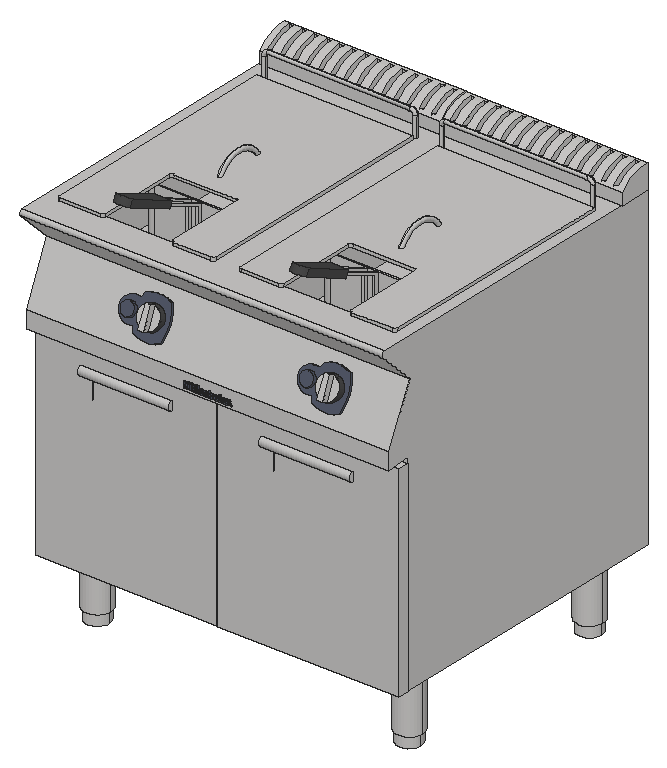
Revit family "QF_ELECTROLUXPROFESSIONAL_371421_E7KKETBAMEI", category Attrezzature speciali, Revit 2018
Family settings
  Quota connettore circolare = Usa diametro
  Tipo di parte = Normale
  Basato su piano di lavoro = No
  Sempre verticale = Sì
  Taglio con vuoti quando caricato = No
  Condiviso = No
  Punto di calcolo locali = No
Parameters (values of type "Standard")
  Weight = 85.00 kg
  Watts = 0 W
  Volts = 0 V
  URL Manufacturer = "https://www.electroluxprofessional.com/"
  URL = "https://www.electroluxprofessional.com/"
  Steam Supply Size = 0"
  Steam Supply Minimum Pressure = 0.00 psi
  Steam Supply Maximum Pressure = 0.00 psi
  Steam Consumption per Hour = 0
  Show Logo [instance] = yes
  Show Clearance [instance] = yes
  Refrigeration Suction Line Size = 0 mm
  Refrigeration Liquid Line Size = 0 mm
  Refrigerant Compressor Remote = yes
  Phase = 0
  Modello = "E7KKETBAMEI"
  Produttore = "Electrolux Professional"
  Length Actual = 800 mm  # constant formula
  Item Number = "371421"
  Hot Water Size = 0"
  Height Actual = 850 mm  # constant formula
  HP = "0 HP"
  Gas Size = 1/2"
  Gas KW = 28
  Gas Input Pressure = 0.938315 Btu/h
  Direct Waste Size = 0"
  Descrizione = "2X15 LITRE GAS FRYER 800MM - QMARK"
  Depth Actual = 730 mm  # constant formula
  Cycle = 0 Hz
  Condensate Return Size = 0"
  Compressed Air Volume = 0 GPM
  Compressed Air Size = 0"
  Compressed Air Pressure = 0.00 psi
  Cold Water Size = 0"
  Base Height [instance] = 150 mm  # constant formula
  Accessory = yes
Values of the unnamed type that differ from the named types
  Weight = 0.00 kg
  URL Manufacturer = ""
  Item Number = ""
  HP = ""
  Gas KW = 0
  Gas Input Pressure = 0.0 Btu/h
Reference planes
  plane 1 "BACK": y = 0
  plane 2: z = 0
  plane 3 "LEFT": x = 0
  plane 4 "RIGHT": x = 800
  plane 5 "FRONT": y = -730
  plane 6 "TOP": z = 905.238
  plane 7 "Center Y": x = 400
  plane 8 "Center X": y = -365
  plane 9 "BASE": z = 601
  plane 10 "TOP A": z = 850.238
  plane 11: y = -597.884
  plane 12: y = -147.637
  plane 13: z = 942.313
  plane 14: z = 150
Forms (mm)
  Extrusion 1, solid, material "QF_Finishes_Stainless Steel"
    sketch origin (0, 0, 0) x (0, 1, 0) y (0, 0, 1)
      loop
        line (0, 850.237) -> (-725.027, 850.237)
        arc (-725.027, 850.237) -> (-730.893, 846.318) -> (-729.517, 839.397) r 6.35
        line (-729.517, 839.397) -> (-657.416, 767.047) -> (-713.522, 646.19) -> (-713.522, 608.09) -> (-660.4, 613.7) -> (-660.4, 150) -> (0, 150) -> (0, 850.237)
      loop
        line (-661.987, 601) -> (-687.387, 601) -> (-687.387, 150) -> (-661.987, 150) -> (-661.987, 601)
    from 0 to 800
  Extrusion 2, solid, material "QF_Finishes_Stainless Steel"
    sketch origin (0, 0, 0) x (0, 1, 0) y (0, 0, 1)
      loop
        line (0, 850.237) -> (0, 905.237)
        arc (0, 905.237) -> (-38.078, 897.879) -> (-69.85, 875.637) r 93.057
        line (-69.85, 875.637) -> (-69.85, 850.237) -> (0, 850.237)
    from 0 to 800
  Extrusion 3, void
    sketch origin (0, 0, 850.238) x (-1, 0, 0) y (0, -1, 0)
      loop
        line (-33.338, 147.762) -> (-33.338, 655.762) -> (-373.012, 655.762) -> (-373.012, 147.762) -> (-33.338, 147.762)
      loop
        line (-766.662, 655.762) -> (-766.662, 147.762) -> (-426.988, 147.762) -> (-426.988, 655.762) -> (-766.662, 655.762)
    from 0 to -152.4
  Extrusion 4, void
    sketch origin (0, 0, 850.238) x (-1, 0, 0) y (0, -1, 0)
      loop
        line (-13.453, 6.761) -> (-13.453, 63.911) -> (-22.749, 63.911) -> (-22.749, 6.761) -> (-13.453, 6.761)
    from 25.4 to 63.5
  Extrusion 5, solid, material "QF_Finishes_Clearance", visible <- "Show Clearance", detail levels coarse
    sketch origin (0, 0, 0) x (1, 0, 0) y (0, 1, 0)
      loop
        line (0, -731.377) -> (0, 0) -> (800, 0) -> (800, -731.377) -> (950.019, -731.377) -> (950.019, 150.019) -> (-150.019, 150.019) -> (-150.019, -731.377) -> (0, -731.377)
    from 0 to 905.237
  Extrusion 6, solid, material "QF_Finishes_Stainless Steel"
    sketch origin (-77.88, -4572, 850.238) x (-1, 0, 0) y (0, -1, 0)
      loop
        arc (-104.867, -3916.238) -> (-106.727, -3911.748) -> (-111.217, -3909.888) r 6.35
        line (-111.217, -3909.888) -> (-200.117, -3909.888)
        arc (-200.117, -3909.888) -> (-204.607, -3911.748) -> (-206.467, -3916.238) r 6.35
        line (-206.467, -3916.238) -> (-206.467, -4090.988)
        arc (-206.467, -4090.988) -> (-208.327, -4095.479) -> (-212.817, -4097.338) r 6.35
        line (-212.817, -4097.338) -> (-349.292, -4097.338)
        arc (-349.292, -4097.338) -> (-353.782, -4095.479) -> (-355.642, -4090.988) r 6.35
        line (-355.642, -4090.988) -> (-355.642, -3916.238)
        arc (-355.642, -3916.238) -> (-357.502, -3911.748) -> (-361.992, -3909.888) r 6.35
        line (-361.992, -3909.888) -> (-444.542, -3909.888)
        arc (-444.542, -3909.888) -> (-449.032, -3911.748) -> (-450.892, -3916.238) r 6.35
        line (-450.892, -3916.238) -> (-450.892, -4459.163) -> (-104.867, -4459.163) -> (-104.867, -3916.238)
      loop
        line (-850.892, -3916.238) -> (-850.892, -4459.163) -> (-504.867, -4459.163) -> (-504.867, -3916.238)
        arc (-504.867, -3916.238) -> (-506.727, -3911.748) -> (-511.217, -3909.888) r 6.35
        line (-511.217, -3909.888) -> (-593.767, -3909.888)
        arc (-593.767, -3909.888) -> (-598.257, -3911.748) -> (-600.117, -3916.238) r 6.35
        line (-600.117, -3916.238) -> (-600.117, -4090.988)
        arc (-600.117, -4090.988) -> (-601.977, -4095.479) -> (-606.467, -4097.338) r 6.35
        line (-606.467, -4097.338) -> (-742.942, -4097.338)
        arc (-742.942, -4097.338) -> (-747.432, -4095.479) -> (-749.292, -4090.988) r 6.35
        line (-749.292, -4090.988) -> (-749.292, -3916.238)
        arc (-749.292, -3916.238) -> (-751.152, -3911.748) -> (-755.642, -3909.888) r 6.35
        line (-755.642, -3909.888) -> (-844.542, -3909.888)
        arc (-844.542, -3909.888) -> (-849.032, -3911.748) -> (-850.892, -3916.238) r 6.35
    from 0 to 6.35
  Sweep 7, solid, material "QF_Finishes_Stainless Steel"
    path origin (0, 36.513, 0) x (1, 0, 0) y (0, 0, 1)
      loop
        line (39.688, 850.238) -> (39.688, 895.713)
        arc (39.688, 895.713) -> (41.547, 900.203) -> (46.038, 902.063) r 6.35
        line (46.038, 902.063) -> (362.669, 902.063)
        arc (362.669, 902.063) -> (367.16, 900.203) -> (369.019, 895.713) r 6.35
        line (369.019, 895.713) -> (369.019, 850.237)
    profile origin (39.688, 36.513, 872.975) x (-1, 0, 0) y (0, -1, 0)
      loop
        circle (2.09, 140.754) r 3.827
  Extrusion 8, solid, material "QF_Finishes_Black"
    sketch origin (271.462, -708.83, 942.26) x (0, 0.906308, -0.422618) y (-1, 0, 0)
      loop
        line (10.103, 47.37) -> (128.716, 47.37) -> (128.716, 84.605) -> (10.103, 84.605)
        arc (10.103, 84.605) -> (-0.124, 65.987) -> (10.103, 47.37) r 22.059
    from -15.884 to 0
  Extrusion 9, solid, material "QF_Finishes_Stainless Steel"
    sketch origin (271.463, 41.275, 0) x (0, 1, 0) y (0, 0, 1)
      loop
        line (-547.91, 741.238) -> (-547.91, 842.715) -> (-635.463, 883.542) -> (-638.147, 877.787) -> (-554.26, 838.67) -> (-554.26, 741.238) -> (-547.91, 741.238)
    from -80.476 to -74.619
  Extrusion 10, solid, material "QF_Finishes_Stainless Steel"
    sketch origin (139.588, 41.275, 0) x (0, 1, 0) y (0, 0, -1)
      loop
        line (-554.26, -838.67) -> (-638.147, -877.787) -> (-635.463, -883.542) -> (-547.91, -842.715) -> (-547.91, -741.238) -> (-554.26, -741.238) -> (-554.26, -838.67)
    from -80.476 to -74.619
  Sweep 11, solid, material "QF_Finishes_Stainless Steel"
    path origin (200.025, -0.124, 0) x (0, 1, 0) y (0, 0, 1)
      loop
        arc (-323.261, 850.238) -> (-377.7, 884.016) -> (-432.139, 850.238) r 60.757
    profile origin (200.025, -377.824, 884.016) x (0, 0, -1) y (1, 0, 0)
      loop
        circle (0, 0) r 4.353
  Sweep 12, solid, material "QF_Finishes_Stainless Steel"
    path origin (600.075, -0.124, 0) x (0, 1, 0) y (0, 0, -1)
      loop
        arc (-323.261, -850.238) -> (-377.7, -884.016) -> (-432.139, -850.238) r 60.757
    profile origin (600.075, -377.824, 884.016) x (0, 0, 1) y (-1, 0, 0)
      loop
        circle (0, 0) r 4.353
  Extrusion 13, solid, material "QF_Finishes_Black"
    sketch origin (528.637, -708.83, 942.26) x (0, 0.906308, -0.422618) y (-1, 0, 0)
      loop
        arc (10.103, -47.27) -> (-0.124, -65.887) -> (10.103, -84.505) r 22.059
        line (10.103, -84.505) -> (128.716, -84.505) -> (128.716, -47.27) -> (10.103, -47.27)
    from -15.884 to 0
  Extrusion 14, solid, material "QF_Finishes_Mesh"
    sketch origin (0, 0, 850.238) x (-1, 0, 0) y (0, -1, 0)
      loop
        arc (-116.625, 189.135) -> (-98.665, 196.575) -> (-91.225, 214.535) r 25.4
        line (-91.225, 214.535) -> (-91.225, 481.11)
        arc (-91.225, 481.11) -> (-98.665, 499.071) -> (-116.625, 506.51) r 25.4
        line (-116.625, 506.51) -> (-294.375, 506.51)
        arc (-294.375, 506.51) -> (-312.336, 499.071) -> (-319.775, 481.11) r 25.4
        line (-319.775, 481.11) -> (-319.775, 214.535)
        arc (-319.775, 214.535) -> (-312.336, 196.575) -> (-294.375, 189.135) r 25.4
        line (-294.375, 189.135) -> (-116.625, 189.135)
      loop
        arc (-116.625, 192.31) -> (-100.91, 198.82) -> (-94.4, 214.535) r 22.225
        line (-94.4, 214.535) -> (-94.4, 481.11)
        arc (-94.4, 481.11) -> (-100.91, 496.826) -> (-116.625, 503.335) r 22.225
        line (-116.625, 503.335) -> (-294.375, 503.335)
        arc (-294.375, 503.335) -> (-310.091, 496.826) -> (-316.6, 481.11) r 22.225
        line (-316.6, 481.11) -> (-316.6, 214.535)
        arc (-316.6, 214.535) -> (-310.091, 198.82) -> (-294.375, 192.31) r 22.225
        line (-294.375, 192.31) -> (-116.625, 192.31)
      loop
        line (-683.375, 189.135) -> (-505.625, 189.135)
        arc (-505.625, 189.135) -> (-487.664, 196.575) -> (-480.225, 214.535) r 25.4
        line (-480.225, 214.535) -> (-480.225, 481.11)
        arc (-480.225, 481.11) -> (-487.664, 499.071) -> (-505.625, 506.51) r 25.4
        line (-505.625, 506.51) -> (-683.375, 506.51)
        arc (-683.375, 506.51) -> (-701.335, 499.071) -> (-708.775, 481.11) r 25.4
        line (-708.775, 481.11) -> (-708.775, 214.535)
        arc (-708.775, 214.535) -> (-701.335, 196.575) -> (-683.375, 189.135) r 25.4
      loop
        line (-683.375, 192.31) -> (-505.625, 192.31)
        arc (-505.625, 192.31) -> (-489.909, 198.82) -> (-483.4, 214.535) r 22.225
        line (-483.4, 214.535) -> (-483.4, 481.11)
        arc (-483.4, 481.11) -> (-489.909, 496.826) -> (-505.625, 503.335) r 22.225
        line (-505.625, 503.335) -> (-683.375, 503.335)
        arc (-683.375, 503.335) -> (-699.09, 496.826) -> (-705.6, 481.11) r 22.225
        line (-705.6, 481.11) -> (-705.6, 214.535)
        arc (-705.6, 214.535) -> (-699.09, 198.82) -> (-683.375, 192.31) r 22.225
    from -109 to -5.315
  Extrusion 15, solid, material "QF_Finishes_Stainless Steel"
    sketch origin (528.637, 41.275, 0) x (0, 1, 0) y (0, 0, -1)
      loop
        line (-547.91, -741.238) -> (-554.26, -741.238) -> (-554.26, -838.67) -> (-638.147, -877.787) -> (-635.463, -883.542) -> (-547.91, -842.715) -> (-547.91, -741.238)
    from -80.476 to -74.619
  Extrusion 16, solid, material "QF_Finishes_Stainless Steel"
    sketch origin (660.512, 41.275, 0) x (0, 1, 0) y (0, 0, 1)
      loop
        line (-554.26, 838.67) -> (-554.26, 741.238) -> (-547.91, 741.238) -> (-547.91, 842.715) -> (-635.463, 883.542) -> (-638.147, 877.787) -> (-554.26, 838.67)
    from -80.476 to -74.619
  Sweep 17, solid, material "QF_Finishes_Stainless Steel"
    path origin (800.1, 36.513, 0) x (-1, 0, 0) y (0, 0, -1)
      loop
        line (39.788, -850.238) -> (39.788, -895.713)
        arc (39.788, -895.713) -> (41.647, -900.203) -> (46.138, -902.063) r 6.35
        line (46.138, -902.063) -> (362.769, -902.063)
        arc (362.769, -902.063) -> (367.26, -900.203) -> (369.119, -895.713) r 6.35
        line (369.119, -895.713) -> (369.119, -850.237)
    profile origin (760.312, 36.513, 872.975) x (-1, 0, 0) y (0, -1, 0)
      loop
        circle (-2.09, 140.754) r 3.827
  Extrusion 18, void
    sketch origin (361.95, 0, 850.237) x (-1, 0, 0) y (0, -1, 0)
      loop
        line (-13.403, 6.761) -> (-13.403, 63.911) -> (-22.699, 63.911) -> (-22.699, 6.761) -> (-13.403, 6.761)
    from 25.4 to 63.5
  Extrusion 19, void
    sketch origin (27.842, 0, 850.238) x (-1, 0, 0) y (0, -1, 0)
      loop
        line (-13.453, 6.761) -> (-13.453, 63.911) -> (-22.749, 63.911) -> (-22.749, 6.761) -> (-13.453, 6.761)
    from 25.4 to 63.5
  Extrusion 20, void
    sketch origin (55.685, 0, 850.238) x (-1, 0, 0) y (0, -1, 0)
      loop
        line (-13.453, 6.761) -> (-13.453, 63.911) -> (-22.749, 63.911) -> (-22.749, 6.761) -> (-13.453, 6.761)
    from 25.4 to 63.5
  Extrusion 21, void
    sketch origin (83.527, 0, 850.238) x (-1, 0, 0) y (0, -1, 0)
      loop
        line (-13.453, 6.761) -> (-13.453, 63.911) -> (-22.749, 63.911) -> (-22.749, 6.761) -> (-13.453, 6.761)
    from 25.4 to 63.5
  Extrusion 22, void
    sketch origin (111.369, 0, 850.237) x (-1, 0, 0) y (0, -1, 0)
      loop
        line (-13.453, 6.761) -> (-13.453, 63.911) -> (-22.749, 63.911) -> (-22.749, 6.761) -> (-13.453, 6.761)
    from 25.4 to 63.5
  Extrusion 23, void
    sketch origin (139.212, 0, 850.237) x (-1, 0, 0) y (0, -1, 0)
      loop
        line (-13.453, 6.761) -> (-13.453, 63.911) -> (-22.749, 63.911) -> (-22.749, 6.761) -> (-13.453, 6.761)
    from 25.4 to 63.5
  Extrusion 24, void
    sketch origin (167.054, 0, 850.237) x (-1, 0, 0) y (0, -1, 0)
      loop
        line (-13.453, 6.761) -> (-13.453, 63.911) -> (-22.749, 63.911) -> (-22.749, 6.761) -> (-13.453, 6.761)
    from 25.4 to 63.5
  Extrusion 25, void
    sketch origin (194.896, 0, 850.237) x (-1, 0, 0) y (0, -1, 0)
      loop
        line (-13.403, 6.761) -> (-13.403, 63.911) -> (-22.699, 63.911) -> (-22.699, 6.761) -> (-13.403, 6.761)
    from 25.4 to 63.5
  Extrusion 26, void
    sketch origin (222.738, 0, 850.237) x (-1, 0, 0) y (0, -1, 0)
      loop
        line (-13.403, 6.761) -> (-13.403, 63.911) -> (-22.699, 63.911) -> (-22.699, 6.761) -> (-13.403, 6.761)
    from 25.4 to 63.5
  Extrusion 27, void
    sketch origin (250.581, 0, 850.237) x (-1, 0, 0) y (0, -1, 0)
      loop
        line (-13.403, 6.761) -> (-13.403, 63.911) -> (-22.699, 63.911) -> (-22.699, 6.761) -> (-13.403, 6.761)
    from 25.4 to 63.5
  Extrusion 28, void
    sketch origin (278.423, 0, 850.237) x (-1, 0, 0) y (0, -1, 0)
      loop
        line (-13.403, 6.761) -> (-13.403, 63.911) -> (-22.699, 63.911) -> (-22.699, 6.761) -> (-13.403, 6.761)
    from 25.4 to 63.5
  Extrusion 29, void
    sketch origin (306.265, 0, 850.237) x (-1, 0, 0) y (0, -1, 0)
      loop
        line (-13.403, 6.761) -> (-13.403, 63.911) -> (-22.699, 63.911) -> (-22.699, 6.761) -> (-13.403, 6.761)
    from 25.4 to 63.5
  Extrusion 30, void
    sketch origin (334.108, 0, 850.237) x (-1, 0, 0) y (0, -1, 0)
      loop
        line (-13.403, 6.761) -> (-13.403, 63.911) -> (-22.699, 63.911) -> (-22.699, 6.761) -> (-13.403, 6.761)
    from 25.4 to 63.5
  Extrusion 31, void
    sketch origin (800.1, 0, 850.237) x (1, 0, 0) y (0, 1, 0)
      loop
        line (-13.553, -6.761) -> (-22.849, -6.761) -> (-22.849, -63.911) -> (-13.553, -63.911) -> (-13.553, -6.761)
    from 25.4 to 63.5
  Extrusion 32, void
    sketch origin (438.15, 0, 850.237) x (1, 0, 0) y (0, 1, 0)
      loop
        line (-13.503, -6.761) -> (-22.799, -6.761) -> (-22.799, -63.911) -> (-13.503, -63.911) -> (-13.503, -6.761)
    from 25.4 to 63.5
  Extrusion 33, void
    sketch origin (772.258, 0, 850.237) x (1, 0, 0) y (0, 1, 0)
      loop
        line (-13.553, -6.761) -> (-22.849, -6.761) -> (-22.849, -63.911) -> (-13.553, -63.911) -> (-13.553, -6.761)
    from 25.4 to 63.5
  Extrusion 34, void
    sketch origin (744.415, 0, 850.237) x (1, 0, 0) y (0, 1, 0)
      loop
        line (-13.553, -6.761) -> (-22.849, -6.761) -> (-22.849, -63.911) -> (-13.553, -63.911) -> (-13.553, -6.761)
    from 25.4 to 63.5
  Extrusion 35, void
    sketch origin (716.573, 0, 850.237) x (1, 0, 0) y (0, 1, 0)
      loop
        line (-13.553, -6.761) -> (-22.849, -6.761) -> (-22.849, -63.911) -> (-13.553, -63.911) -> (-13.553, -6.761)
    from 25.4 to 63.5
  Extrusion 36, void
    sketch origin (688.731, 0, 850.237) x (1, 0, 0) y (0, 1, 0)
      loop
        line (-13.553, -6.761) -> (-22.849, -6.761) -> (-22.849, -63.911) -> (-13.553, -63.911) -> (-13.553, -6.761)
    from 25.4 to 63.5
  Extrusion 37, void
    sketch origin (660.888, 0, 850.237) x (1, 0, 0) y (0, 1, 0)
      loop
        line (-13.553, -6.761) -> (-22.849, -6.761) -> (-22.849, -63.911) -> (-13.553, -63.911) -> (-13.553, -6.761)
    from 25.4 to 63.5
  Extrusion 38, void
    sketch origin (633.046, 0, 850.237) x (1, 0, 0) y (0, 1, 0)
      loop
        line (-13.553, -6.761) -> (-22.849, -6.761) -> (-22.849, -63.911) -> (-13.553, -63.911) -> (-13.553, -6.761)
    from 25.4 to 63.5
  Extrusion 39, void
    sketch origin (605.204, 0, 850.237) x (1, 0, 0) y (0, 1, 0)
      loop
        line (-13.503, -6.761) -> (-22.799, -6.761) -> (-22.799, -63.911) -> (-13.503, -63.911) -> (-13.503, -6.761)
    from 25.4 to 63.5
  Extrusion 40, void
    sketch origin (577.362, 0, 850.237) x (1, 0, 0) y (0, 1, 0)
      loop
        line (-13.503, -6.761) -> (-22.799, -6.761) -> (-22.799, -63.911) -> (-13.503, -63.911) -> (-13.503, -6.761)
    from 25.4 to 63.5
  Extrusion 41, void
    sketch origin (549.519, 0, 850.237) x (1, 0, 0) y (0, 1, 0)
      loop
        line (-13.503, -6.761) -> (-22.799, -6.761) -> (-22.799, -63.911) -> (-13.503, -63.911) -> (-13.503, -6.761)
    from 25.4 to 63.5
  Extrusion 42, void
    sketch origin (521.677, 0, 850.237) x (1, 0, 0) y (0, 1, 0)
      loop
        line (-13.503, -6.761) -> (-22.799, -6.761) -> (-22.799, -63.911) -> (-13.503, -63.911) -> (-13.503, -6.761)
    from 25.4 to 63.5
  Extrusion 43, void
    sketch origin (493.835, 0, 850.237) x (1, 0, 0) y (0, 1, 0)
      loop
        line (-13.503, -6.761) -> (-22.799, -6.761) -> (-22.799, -63.911) -> (-13.503, -63.911) -> (-13.503, -6.761)
    from 25.4 to 63.5
  Extrusion 44, void
    sketch origin (465.992, 0, 850.237) x (1, 0, 0) y (0, 1, 0)
      loop
        line (-13.503, -6.761) -> (-22.799, -6.761) -> (-22.799, -63.911) -> (-13.503, -63.911) -> (-13.503, -6.761)
    from 25.4 to 63.5
  Extrusion 45, void
    sketch origin (418.151, 0, 850.237) x (1, 0, 0) y (0, 1, 0)
      loop
        line (-16.563, 0) -> (-19.738, 0) -> (-19.738, -69.85) -> (-16.563, -69.85) -> (-16.563, 0)
    from 25.4 to 63.5
  Extrusion 46, void
    sketch origin (0, -660.4, 601) x (0, 0, 1) y (-1, 0, 0)
      loop
        line (0, -398.363) -> (-451, -398.363) -> (-451, -401.538) -> (0, -401.538) -> (0, -398.363)
    from 0 to 27
  Extrusion 47, void
    sketch origin (200.025, 0, 0) x (0, 1, 0) y (0, 0, 1)
      loop
        line (-687.137, 541) -> (-687.137, 499.788) -> (-672.137, 541) -> (-687.137, 541)
    from -75 to 75
  Extrusion 48, solid, material "QF_Finishes_Stainless Steel"
    sketch origin (200.025, 0, 0) x (0, 1, 0) y (0, 0, 1)
      loop
        line (-687.137, 541) -> (-687.137, 561)
        arc (-687.137, 561) -> (-697.137, 551) -> (-687.137, 541) r 10
    from -100 to 100
  Extrusion 49, void
    sketch origin (600.075, 0, 0) x (0, 1, 0) y (0, 0, -1)
      loop
        line (-687.137, -541) -> (-672.137, -541) -> (-687.137, -499.788) -> (-687.137, -541)
    from -75 to 75
  Extrusion 50, solid, material "QF_Finishes_Stainless Steel"
    sketch origin (600.075, 0, 0) x (0, 1, 0) y (0, 0, -1)
      loop
        arc (-687.137, -541) -> (-697.137, -551) -> (-687.137, -561) r 10
        line (-687.137, -561) -> (-687.137, -541)
    from -100 to 100
  Revolve 51, solid, material "QF_Finishes_Stainless Steel"
    sketch origin (0, -587.387, 608.09) x (0, 0, 1) y (-1, 0, 0)
      loop
        line (-608.09, -56) -> (-458.09, -56) -> (-458.09, -26) -> (-583.09, -26) -> (-583.09, -29.75) -> (-608.09, -29.75) -> (-608.09, -56)
      axis (-608.09, -56) -> (-458.09, -56)
    angle from 0 to 360
  Revolve 52, solid, material "QF_Finishes_Stainless Steel"
    sketch origin (0, -90, 608.09) x (0, 0, 1) y (-1, 0, 0)
      loop
        line (-608.09, -56) -> (-458.09, -56) -> (-458.09, -26) -> (-583.09, -26) -> (-583.09, -29.75) -> (-608.09, -29.75) -> (-608.09, -56)
      axis (-608.09, -56) -> (-458.09, -56)
    angle from 0 to 360
  Revolve 53, solid, material "QF_Finishes_Stainless Steel"
    sketch origin (800.1, -587.387, 608.09) x (0, 0, 1) y (-1, 0, 0)
      loop
        line (-608.09, 56.1) -> (-608.09, 29.85) -> (-583.09, 29.85) -> (-583.09, 26.1) -> (-458.09, 26.1) -> (-458.09, 56.1) -> (-608.09, 56.1)
      axis (-608.09, 56.1) -> (-458.09, 56.1)
    angle from 0 to 360
  Revolve 54, solid, material "QF_Finishes_Stainless Steel"
    sketch origin (800.1, -90, 608.09) x (0, 0, 1) y (-1, 0, 0)
      loop
        line (-608.09, 56.1) -> (-608.09, 29.85) -> (-583.09, 29.85) -> (-583.09, 26.1) -> (-458.09, 26.1) -> (-458.09, 56.1) -> (-608.09, 56.1)
      axis (-608.09, 56.1) -> (-458.09, 56.1)
    angle from 0 to 360
  Extrusion 55, solid, material "QF_Finishes_Door Clearance", visible <- "Show Clearance", detail levels coarse
    sketch origin (0, 0, 850.238) x (-1, 0, 0) y (0, -1, 0)
      loop
        arc (-401.587, 687.137) -> (-518.28, 968.858) -> (-800, 1085.55) r 398.413
        line (-800, 1085.55) -> (-800, 687.137) -> (-401.587, 687.137)
      loop
        line (-398.412, 687.138) -> (0, 687.137) -> (0, 1085.55)
        arc (0, 1085.55) -> (-281.72, 968.858) -> (-398.412, 687.138) r 398.412
    from -700.237 to -249.237
  Extrusion 56, solid, material "QF_Finishes_Stainless Steel"
    sketch origin (-77.88, -4572, 150) x (-1, 0, 0) y (0, -1, 0)
      loop
        circle (-832.88, -4055) r 6.35
    from 0 to -12.7
  Extrusion 57, solid, material "QF_Finishes_Navy Blue"
    sketch origin (97.175, -713.796, 646.138) x (0, 0.422618, 0.906308) y (-1, 0, 0)
      loop
        arc (105.947, -132.617) -> (100.966, -130.409) -> (95.863, -128.501) r 91.844
        line (95.863, -128.501) -> (95.863, -113.213)
        arc (95.863, -113.213) -> (69.246, -86.596) -> (42.629, -113.213) r 26.617
        line (42.629, -113.213) -> (42.629, -126.69)
        arc (42.629, -126.69) -> (36.919, -128.411) -> (31.333, -130.498) r 91.844
        arc (31.333, -130.498) -> (24.206, -161.14) -> (31.333, -191.783) r 69.441
        arc (31.333, -191.783) -> (68.854, -198.494) -> (105.947, -189.715) r 93.759
        arc (105.947, -189.715) -> (112.176, -161.166) -> (105.947, -132.617) r 68.543
    from 0 to 3.175
  Extrusion 58, solid, material "QF_Finishes_Stainless Steel"
    sketch origin (97.175, -716.674, 647.48) x (0, 0.422618, 0.906308) y (-1, 0, 0)
      loop
        circle (68.826, -160.963) r 25.4
    from 0 to 12.7
  Extrusion 59, solid, material "QF_Finishes_Stainless Steel"
    sketch origin (97.175, -728.184, 652.847) x (0, 0.422618, 0.906308) y (-1, 0, 0)
      loop
        arc (93.558, -166.749) -> (94.226, -160.963) -> (93.558, -155.177) r 25.4
        line (93.558, -155.177) -> (44.094, -155.177)
        arc (44.094, -155.177) -> (43.426, -160.963) -> (44.094, -166.749) r 25.4
        line (44.094, -166.749) -> (93.558, -166.749)
    from 0 to 12.7
  Extrusion 60, solid, material "QF_Finishes_Navy Blue"
    sketch origin (52.175, -716.674, 647.48) x (0, 0.422618, 0.906308) y (-1, 0, 0)
      loop
        circle (68.826, -154.713) r 15
    from 0 to 6.4
  Extrusion 61, solid, material "QF_Finishes_Navy Blue"
    sketch origin (492.175, -713.796, 646.138) x (0, 0.422618, 0.906308) y (-1, 0, 0)
      loop
        arc (105.947, -132.567) -> (100.966, -130.359) -> (95.863, -128.451) r 91.844
        line (95.863, -128.451) -> (95.863, -113.163)
        arc (95.863, -113.163) -> (69.246, -86.546) -> (42.629, -113.163) r 26.617
        line (42.629, -113.163) -> (42.629, -126.64)
        arc (42.629, -126.64) -> (36.919, -128.361) -> (31.333, -130.448) r 91.844
        arc (31.333, -130.448) -> (24.206, -161.09) -> (31.333, -191.733) r 69.441
        arc (31.333, -191.733) -> (68.854, -198.444) -> (105.947, -189.665) r 93.759
        arc (105.947, -189.665) -> (112.176, -161.116) -> (105.947, -132.567) r 68.543
    from 0 to 3.175
  Extrusion 62, solid, material "QF_Finishes_Stainless Steel"
    sketch origin (492.175, -716.674, 647.48) x (0, 0.422618, 0.906308) y (-1, 0, 0)
      loop
        circle (68.826, -160.963) r 25.4
    from 0 to 12.7
  Extrusion 63, solid, material "QF_Finishes_Stainless Steel"
    sketch origin (492.175, -728.184, 652.847) x (0, 0.422618, 0.906308) y (-1, 0, 0)
      loop
        arc (93.558, -166.749) -> (94.226, -160.963) -> (93.558, -155.177) r 25.4
        line (93.558, -155.177) -> (44.094, -155.177)
        arc (44.094, -155.177) -> (43.426, -160.963) -> (44.094, -166.749) r 25.4
        line (44.094, -166.749) -> (93.558, -166.749)
    from 0 to 12.7
  Extrusion 64, solid, material "QF_Finishes_Navy Blue"
    sketch origin (447.175, -716.674, 647.48) x (0, 0.422618, 0.906308) y (-1, 0, 0)
      loop
        circle (68.826, -154.713) r 15
    from 0 to 6.4
  Extrusion 65, solid, material "QF_Finishes_Navy Blue", visible <- "Show Logo"
    sketch origin (60.791, -713.772, 608.09) x (0, 0, 1) y (-1, 0, 0)
      loop
        line (20.674, -296.698) -> (8.307, -296.698)
        arc (8.307, -296.698) -> (14.491, -301.27) -> (20.674, -296.698) r 6.467
      loop
        arc (20.674, -296.069) -> (19.505, -290.926) -> (14.849, -288.448) r 6.338
        line (14.849, -288.448) -> (14.849, -290.494)
        arc (14.849, -290.494) -> (16.333, -294.149) -> (19.778, -296.069) r 5.941
        line (19.778, -296.069) -> (20.674, -296.069)
      loop
        arc (9.203, -296.069) -> (12.648, -294.149) -> (14.132, -290.494) r 5.941
        line (14.132, -290.494) -> (14.132, -288.448)
        arc (14.132, -288.448) -> (9.438, -290.922) -> (8.148, -296.069) r 6.504
        line (8.148, -296.069) -> (9.203, -296.069)
      loop
        line (21.349, -287.979) -> (7.604, -287.979) -> (7.604, -301.742) -> (21.349, -301.742) -> (21.349, -287.979)
      loop
        arc (21.432, -304.71) -> (21.085, -304.352) -> (20.718, -304.69) r 0.358
        arc (20.718, -304.69) -> (20.404, -305.44) -> (19.687, -305.825) r 1.216
        line (19.687, -305.825) -> (9.274, -305.825)
        arc (9.274, -305.825) -> (8.614, -305.548) -> (8.218, -304.951) r 1.238
        arc (8.218, -304.951) -> (7.823, -304.7) -> (7.518, -305.054) r 0.358
        line (7.518, -305.054) -> (7.518, -314.933) -> (10.269, -314.933) -> (10.269, -314.036)
        arc (10.269, -314.036) -> (9.36, -313.456) -> (8.904, -312.479) r 1.928
        line (8.904, -312.479) -> (8.904, -309.98)
        arc (8.904, -309.98) -> (9.18, -309.251) -> (9.868, -308.887) r 1.101
        line (9.868, -308.887) -> (13.955, -308.887) -> (13.955, -312.561)
        arc (13.955, -312.561) -> (13.602, -313.058) -> (13.037, -313.286) r 1.083
        arc (13.037, -313.286) -> (12.773, -313.591) -> (13.065, -313.869) r 0.292
        line (13.065, -313.869) -> (16.028, -313.869)
        arc (16.028, -313.869) -> (16.33, -313.596) -> (16.092, -313.266) r 0.305
        arc (16.092, -313.266) -> (15.601, -313.018) -> (15.296, -312.561) r 1.083
        line (15.296, -312.561) -> (15.296, -308.887) -> (19.973, -308.887) -> (19.973, -312.635)
        arc (19.973, -312.635) -> (19.759, -313.39) -> (19.153, -313.888) r 1.314
        arc (19.153, -313.888) -> (18.934, -314.292) -> (19.288, -314.585) r 0.361
        line (19.288, -314.585) -> (21.432, -314.585) -> (21.432, -304.71)
      loop
        arc (20.715, -315.365) -> (20.335, -316.284) -> (19.416, -316.664) r 1.299
        line (19.416, -316.664) -> (9.837, -316.664)
        arc (9.837, -316.664) -> (8.999, -316.286) -> (8.728, -315.408) r 1.118
        line (8.728, -315.408) -> (7.518, -315.408) -> (7.518, -320.758) -> (8.706, -320.758)
        arc (8.706, -320.758) -> (8.978, -319.841) -> (9.848, -319.445) r 1.153
        line (9.848, -319.445) -> (21.92, -319.445) -> (20.715, -315.365)
      loop
        line (12.483, -323.394) -> (12.483, -329.842) -> (13.282, -329.842)
        arc (13.282, -329.842) -> (15.862, -328.857) -> (17.131, -326.404) r 3.874
        line (17.131, -326.404) -> (17.131, -324.643)
        arc (17.131, -324.643) -> (15.944, -321.778) -> (13.08, -320.592) r 4.051
        line (13.08, -320.592) -> (11.072, -320.592)
        arc (11.072, -320.592) -> (8.253, -322.077) -> (7.202, -325.084) r 4.352
        arc (7.202, -325.084) -> (7.566, -327.547) -> (8.943, -329.621) r 5.713
        line (8.943, -329.621) -> (9.892, -329.621)
        arc (9.892, -329.621) -> (9.16, -328.052) -> (8.943, -326.334) r 5.579
        arc (8.943, -326.334) -> (9.737, -324.371) -> (11.616, -323.394) r 3.057
        line (11.616, -323.394) -> (12.483, -323.394)
      loop
        line (13.742, -323.394) -> (13.742, -326.977)
        arc (13.742, -326.977) -> (15.199, -327.024) -> (16.082, -325.864) r 1.59
        line (16.082, -325.864) -> (16.082, -325.034)
        arc (16.082, -325.034) -> (15.217, -323.779) -> (13.742, -323.394) r 2.184
      loop
        arc (16.533, -339.259) -> (17.022, -337.585) -> (17.179, -335.848) r 9.023
        line (17.179, -335.848) -> (17.179, -334.486)
        arc (17.179, -334.486) -> (16.02, -331.686) -> (13.22, -330.527) r 3.959
        line (13.22, -330.527) -> (10.62, -330.527)
        arc (10.62, -330.527) -> (8.338, -331.819) -> (7.221, -334.192) r 4.331
        line (7.221, -334.192) -> (7.221, -336.327)
        arc (7.221, -336.327) -> (7.729, -337.877) -> (8.651, -339.223) r 5.772
        arc (8.651, -339.223) -> (9.412, -339.274) -> (9.499, -338.515) r 0.553
        arc (9.499, -338.515) -> (9.111, -337.781) -> (8.977, -336.962) r 2.573
        line (8.977, -336.962) -> (8.977, -335.447)
        arc (8.977, -335.447) -> (9.983, -333.806) -> (11.798, -333.163) r 2.884
        line (11.798, -333.163) -> (13.077, -333.163)
        arc (13.077, -333.163) -> (14.898, -333.723) -> (15.824, -335.388) r 2.554
        line (15.824, -335.388) -> (15.824, -336.441)
        arc (15.824, -336.441) -> (15.493, -337.369) -> (14.836, -338.104) r 2.564
        arc (14.836, -338.104) -> (14.614, -338.821) -> (15.223, -339.259) r 0.643
        line (15.223, -339.259) -> (16.533, -339.259)
      loop
        line (15.515, -339.53) -> (15.515, -341.031) -> (9.467, -341.031)
        arc (9.467, -341.031) -> (7.879, -341.688) -> (7.221, -343.276) r 2.246
        line (7.221, -343.276) -> (7.221, -344.86)
        arc (7.221, -344.86) -> (7.535, -345.725) -> (8.035, -346.496) r 4.06
        arc (8.035, -346.496) -> (8.768, -346.629) -> (9.019, -345.928) r 0.576
        arc (9.019, -345.928) -> (8.913, -345.403) -> (8.977, -344.87) r 1.69
        arc (8.977, -344.87) -> (9.519, -344.082) -> (10.425, -343.779) r 1.506
        line (10.425, -343.779) -> (15.563, -343.779) -> (15.563, -346.176) -> (16.119, -346.733) -> (16.941, -346.733) -> (16.941, -343.873) -> (20.172, -343.873) -> (15.515, -339.53)
      loop
        line (7.438, -347.63) -> (7.438, -353.017) -> (8.548, -353.017)
        arc (8.548, -353.017) -> (8.942, -352.066) -> (9.893, -351.672) r 1.345
        line (9.893, -351.672) -> (13.509, -351.672)
        arc (13.509, -351.672) -> (14.274, -352.264) -> (14.564, -353.186) r 1.615
        line (14.564, -353.186) -> (14.564, -354.742) -> (17.119, -355.427) -> (17.119, -354.044) -> (15.177, -351.485) -> (17.057, -351.485) -> (16.773, -348.779)
        arc (16.773, -348.779) -> (16.333, -348.249) -> (15.674, -348.45) r 0.621
        arc (15.674, -348.45) -> (15.274, -348.792) -> (14.78, -348.975) r 1.501
        line (14.78, -348.975) -> (9.893, -348.975)
        arc (9.893, -348.975) -> (8.942, -348.581) -> (8.548, -347.63) r 1.345
        line (8.548, -347.63) -> (7.438, -347.63)
      loop
        line (13.54, -354.964) -> (10.848, -354.964)
        arc (10.848, -354.964) -> (8.403, -356.272) -> (7.269, -358.803) r 4.288
        arc (7.269, -358.803) -> (7.205, -360.183) -> (7.269, -361.563) r 15.022
        arc (7.269, -361.563) -> (8.403, -364.094) -> (10.848, -365.401) r 4.288
        line (10.848, -365.401) -> (13.54, -365.401)
        arc (13.54, -365.401) -> (15.986, -364.094) -> (17.119, -361.563) r 4.288
        arc (17.119, -361.563) -> (17.183, -360.183) -> (17.119, -358.803) r 15.022
        arc (17.119, -358.803) -> (15.986, -356.272) -> (13.54, -354.964) r 4.288
      loop
        line (13.745, -358.078) -> (10.643, -358.078)
        arc (10.643, -358.078) -> (8.486, -360.235) -> (10.643, -362.392) r 2.157
        line (10.643, -362.392) -> (13.745, -362.392)
        arc (13.745, -362.392) -> (15.902, -360.235) -> (13.745, -358.078) r 2.157
      loop
        arc (20.726, -365.26) -> (20.355, -366.154) -> (19.461, -366.524) r 1.264
        line (19.461, -366.524) -> (9.597, -366.524)
        arc (9.597, -366.524) -> (8.727, -366.127) -> (8.455, -365.211) r 1.153
        line (8.455, -365.211) -> (7.518, -365.211) -> (7.518, -370.319) -> (8.446, -370.319)
        arc (8.446, -370.319) -> (8.805, -369.547) -> (9.597, -369.232) r 1.153
        line (9.597, -369.232) -> (21.92, -369.232) -> (20.726, -365.26)
      loop
        arc (15.846, -369.857) -> (15.647, -370.921) -> (14.678, -371.403) r 1.215
        line (14.678, -371.403) -> (9.658, -371.403)
        arc (9.658, -371.403) -> (8.043, -372.051) -> (7.322, -373.634) r 2.338
        line (7.322, -373.634) -> (7.322, -375.148)
        arc (7.322, -375.148) -> (7.497, -376.152) -> (7.999, -377.038) r 2.979
        line (7.999, -377.038) -> (7.518, -378.835) -> (7.518, -380.524) -> (16.943, -380.524) -> (16.649, -376.32) -> (15.863, -376.32)
        arc (15.863, -376.32) -> (15.507, -377.156) -> (14.755, -377.665) r 1.605
        line (14.755, -377.665) -> (9.652, -377.665)
        arc (9.652, -377.665) -> (9.232, -376.728) -> (9.159, -375.704) r 2.94
        arc (9.159, -375.704) -> (9.72, -374.603) -> (10.873, -374.16) r 1.724
        line (10.873, -374.16) -> (17.07, -374.16) -> (15.846, -369.857)
      loop
        line (16.874, -381.377) -> (15.202, -383.423) -> (12.028, -385.729) -> (8.572, -382.617)
        arc (8.572, -382.617) -> (8.335, -382.223) -> (8.357, -381.764) r 0.789
        line (8.357, -381.764) -> (7.518, -381.764) -> (7.518, -385.309) -> (8.344, -385.309)
        arc (8.344, -385.309) -> (8.686, -384.947) -> (9.176, -385.039) r 0.52
        line (9.176, -385.039) -> (10.976, -386.51) -> (8.858, -387.886)
        arc (8.858, -387.886) -> (8.457, -387.576) -> (8.37, -387.076) r 0.7
        line (8.37, -387.076) -> (7.518, -387.076) -> (7.518, -393.003) -> (8.405, -393.003)
        arc (8.405, -393.003) -> (8.472, -392.344) -> (8.866, -391.813) r 1.247
        line (8.866, -391.813) -> (13.066, -388.532) -> (15.513, -390.585) -> (16.874, -392.327) -> (16.874, -388.604) -> (15.389, -389.026) -> (13.868, -387.749) -> (15.568, -386.559) -> (16.874, -387.336) -> (16.874, -381.377)
    from 0 to 1.644
Cuts and joins
  Extrusion 3, Extrusion 4, Extrusion 46, Extrusion 47, Extrusion 49 cuts Extrusion 1
  Extrusion 4, Extrusion 18, Extrusion 19, Extrusion 20, Extrusion 21, Extrusion 22, Extrusion 23, Extrusion 24, Extrusion 25, Extrusion 26, Extrusion 27, Extrusion 28, Extrusion 29, Extrusion 30, Extrusion 31, Extrusion 32, Extrusion 33, Extrusion 34, Extrusion 35, Extrusion 36, Extrusion 37, Extrusion 38, Extrusion 39, Extrusion 40, Extrusion 41, Extrusion 42, Extrusion 43, Extrusion 44, Extrusion 45 cuts Extrusion 2
  joined: Extrusion 6, Sweep 11, Sweep 12
  Extrusion 18, Extrusion 19, Extrusion 20, Extrusion 21, Extrusion 22, Extrusion 23, Extrusion 24, Extrusion 25, Extrusion 26, Extrusion 27, Extrusion 28, Extrusion 29, Extrusion 30, Extrusion 31, Extrusion 32, Extrusion 33, Extrusion 34, Extrusion 35, Extrusion 36, Extrusion 37, Extrusion 38, Extrusion 39, Extrusion 40, Extrusion 41, Extrusion 42, Extrusion 43, Extrusion 44, Extrusion 45, Extrusion 47, Extrusion 49 cuts Extrusion 5
  Extrusion 47, Extrusion 49 cuts Extrusion 48
  Extrusion 49 cuts Extrusion 50
Lines and regions (mm)
  symbolic lines, style "QF-Clearances", visible <- "Show Clearance", detail levels coarse
    curve 1: line (-150.019, 150.019, 850.238) -> (-150.019, -731.377, 850.238)
    curve 2: line (950.019, 150.019, 850.237) -> (-150.019, 150.019, 850.238)
    curve 3: line (950.019, -731.377, 850.237) -> (950.019, 150.019, 850.237)
  symbolic lines
    curve 4: line (0, 0, 850.238) -> (800, 0, 850.237)
    curve 5: line (0, -730, 850.238) -> (0, 0, 850.238)
    curve 6: line (800, -730, 850.237) -> (0, -730, 850.238)
    curve 7: line (800, 0, 850.237) -> (800, -730, 850.237)
    curve 8: line (22.699, -6.761, 850.238) -> (22.699, -63.911, 850.238)
    curve 9: line (13.403, -63.911, 850.238) -> (13.403, -6.761, 850.238)
    curve 10: line (13.403, -6.761, 850.238) -> (22.699, -6.761, 850.238)
    curve 11: line (26.988, -112.837, 850.238) -> (26.988, -655.762, 850.238)
    curve 12: arc (26.988, -655.762, 850.238) -> (28.847, -660.252, 850.238) -> (33.338, -662.112, 850.238) r 6.35
    curve 13: line (33.338, -662.112, 850.238) -> (122.188, -662.112, 850.237)
    curve 14: arc (122.188, -662.112, 850.237) -> (126.678, -660.252, 850.237) -> (128.538, -655.762, 850.237) r 6.35
    curve 15: line (128.538, -655.762, 850.237) -> (128.538, -481.012, 850.237)
    curve 16: arc (128.537, -481.012, 850.237) -> (130.397, -476.521, 850.237) -> (134.887, -474.662, 850.237) r 6.35
    curve 17: line (134.887, -474.662, 850.237) -> (271.412, -474.662, 850.237)
    curve 18: arc (271.412, -474.662, 850.237) -> (275.903, -476.521, 850.237) -> (277.762, -481.012, 850.237) r 6.35
    curve 19: line (277.762, -481.012, 850.237) -> (277.762, -655.762, 850.237)
    curve 20: arc (277.762, -655.762, 850.237) -> (279.622, -660.252, 850.237) -> (284.112, -662.112, 850.237) r 6.35
    curve 21: line (284.112, -662.112, 850.237) -> (366.662, -662.112, 850.237)
    curve 22: arc (366.662, -662.112, 850.237) -> (371.153, -660.252, 850.237) -> (373.012, -655.762, 850.237) r 6.35
    curve 23: line (373.012, -655.762, 850.237) -> (373.012, -112.837, 850.237)
    curve 24: line (373.012, -112.837, 850.237) -> (26.988, -112.837, 850.238)
    curve 25: line (0, -69.85, 850.238) -> (398.413, -69.85, 850.237)
    curve 26: line (224.093, -706.386, 850.237) -> (224.093, -592.174, 850.237)
    curve 27: line (224.093, -592.174, 850.237) -> (186.858, -592.174, 850.237)
    curve 28: line (186.858, -592.174, 850.237) -> (186.858, -706.386, 850.237)
    curve 29: spline (224.093, -706.386, 850.237) -> (221.86, -709.048, 850.237) -> (219.17, -711.336, 850.237) -> (216.096, -713.185, 850.237) -> (212.725, -714.544, 850.237) -> (209.152, -715.375, 850.237) -> (205.475, -715.655, 850.237) -> (201.799, -715.375, 850.237) -> (198.225, -714.544, 850.237) -> (194.855, -713.185, 850.237) -> (191.781, -711.336, 850.237) -> (189.09, -709.048, 850.237) -> (186.858, -706.386, 850.237)
    curve 30: line (128.538, -655.762, 850.237) -> (186.858, -655.762, 850.237)
    curve 31: line (224.093, -655.762, 850.237) -> (277.762, -655.762, 850.237)
    curve 32: line (196.794, -506.51, 850.237) -> (196.794, -592.174, 850.237)
    curve 33: line (190.937, -592.174, 850.237) -> (190.937, -506.51, 850.237)
    curve 34: line (220.014, -506.51, 850.237) -> (220.014, -592.174, 850.237)
    curve 35: line (214.157, -592.174, 850.237) -> (214.157, -506.51, 850.237)
    curve 36: spline (186.858, -699.673, 850.237) -> (189.09, -702.336, 850.237) -> (191.781, -704.623, 850.237) -> (194.855, -706.473, 850.237) -> (198.225, -707.832, 850.237) -> (201.799, -708.663, 850.237) -> (205.475, -708.942, 850.237) -> (209.152, -708.663, 850.237) -> (212.725, -707.832, 850.237) -> (216.096, -706.473, 850.237) -> (219.17, -704.623, 850.237) -> (221.86, -702.336, 850.237) -> (224.093, -699.673, 850.237)
    curve 37: line (195.52, -428.432, 850.237) -> (195.52, -326.969, 850.237)
    curve 38: line (204.418, -326.969, 850.237) -> (204.418, -428.432, 850.237)
    curve 39: arc (195.52, -428.432, 850.237) -> (199.969, -432.882, 850.237) -> (204.418, -428.432, 850.237) r 4.449
    curve 40: arc (195.52, -326.969, 850.237) -> (199.969, -322.52, 850.237) -> (204.418, -326.969, 850.237) r 4.449
    curve 41: line (128.538, -503.335, 850.237) -> (277.762, -503.335, 850.237)
    curve 42: line (128.538, -506.51, 850.237) -> (277.762, -506.51, 850.237)
    curve 43: line (773.013, -112.837, 850.237) -> (773.013, -655.762, 850.237)
    curve 44: arc (773.013, -655.762, 850.237) -> (771.153, -660.252, 850.237) -> (766.663, -662.112, 850.237) r 6.35
    curve 45: line (766.663, -662.112, 850.237) -> (677.763, -662.112, 850.237)
    curve 46: arc (677.763, -662.112, 850.237) -> (673.272, -660.252, 850.237) -> (671.413, -655.762, 850.237) r 6.35
    curve 47: line (671.413, -655.762, 850.237) -> (671.413, -481.012, 850.237)
    curve 48: arc (671.413, -481.012, 850.237) -> (669.553, -476.521, 850.237) -> (665.063, -474.662, 850.237) r 6.35
    curve 49: line (665.063, -474.662, 850.237) -> (528.538, -474.662, 850.237)
    curve 50: arc (528.538, -474.662, 850.237) -> (524.047, -476.521, 850.237) -> (522.188, -481.012, 850.237) r 6.35
    curve 51: line (522.188, -481.012, 850.237) -> (522.188, -655.762, 850.237)
    curve 52: arc (522.188, -655.762, 850.237) -> (520.328, -660.252, 850.237) -> (515.838, -662.112, 850.237) r 6.35
    curve 53: line (515.838, -662.112, 850.237) -> (433.338, -662.112, 850.237)
    curve 54: arc (433.338, -662.112, 850.237) -> (428.847, -660.252, 850.237) -> (426.988, -655.762, 850.237) r 6.35
    curve 55: line (426.988, -655.762, 850.237) -> (426.988, -112.837, 850.237)
    curve 56: line (426.988, -112.837, 850.237) -> (773.013, -112.837, 850.237)
    curve 57: line (575.857, -706.386, 850.237) -> (575.857, -592.174, 850.237)
    curve 58: line (575.857, -592.174, 850.237) -> (613.092, -592.174, 850.237)
    curve 59: line (613.092, -592.174, 850.237) -> (613.092, -706.386, 850.237)
    curve 60: spline (575.857, -706.386, 850.237) -> (578.09, -709.048, 850.237) -> (580.78, -711.336, 850.237) -> (583.854, -713.185, 850.237) -> (587.225, -714.544, 850.237) -> (590.798, -715.375, 850.237) -> (594.475, -715.655, 850.237) -> (598.151, -715.375, 850.237) -> (601.725, -714.544, 850.237) -> (605.095, -713.185, 850.237) -> (608.169, -711.336, 850.237) -> (610.86, -709.048, 850.237) -> (613.092, -706.386, 850.237)
    curve 61: line (671.413, -655.762, 850.237) -> (613.092, -655.762, 850.237)
    curve 62: line (575.857, -655.762, 850.237) -> (522.188, -655.762, 850.237)
    curve 63: line (603.156, -506.51, 850.237) -> (603.156, -592.174, 850.237)
    curve 64: line (609.013, -592.174, 850.237) -> (609.013, -506.51, 850.237)
    curve 65: line (579.936, -506.51, 850.237) -> (579.936, -592.174, 850.237)
    curve 66: line (585.793, -592.174, 850.237) -> (585.793, -506.51, 850.237)
    curve 67: spline (613.092, -699.673, 850.237) -> (610.86, -702.336, 850.237) -> (608.169, -704.623, 850.237) -> (605.095, -706.473, 850.237) -> (601.725, -707.832, 850.237) -> (598.151, -708.663, 850.237) -> (594.475, -708.942, 850.237) -> (590.798, -708.663, 850.237) -> (587.225, -707.832, 850.237) -> (583.854, -706.473, 850.237) -> (580.78, -704.623, 850.237) -> (578.09, -702.336, 850.237) -> (575.857, -699.673, 850.237)
    curve 68: line (604.43, -428.432, 850.237) -> (604.43, -326.969, 850.237)
    curve 69: line (595.532, -326.969, 850.237) -> (595.532, -428.432, 850.237)
    curve 70: arc (604.43, -428.432, 850.237) -> (599.981, -432.882, 850.237) -> (595.532, -428.432, 850.237) r 4.449
    curve 71: arc (604.43, -326.969, 850.237) -> (599.981, -322.52, 850.237) -> (595.532, -326.969, 850.237) r 4.449
    curve 72: line (671.413, -503.335, 850.237) -> (522.188, -503.335, 850.237)
    curve 73: line (671.413, -506.51, 850.237) -> (522.188, -506.51, 850.237)
    curve 74: line (37.598, -100.414, 850.238) -> (371.109, -100.414, 850.237)
    curve 75: line (37.598, -108.069, 850.238) -> (37.598, -100.414, 850.238)
    curve 76: line (371.109, -108.069, 850.237) -> (37.598, -108.069, 850.238)
    curve 77: line (371.109, -100.414, 850.237) -> (371.109, -108.069, 850.237)
    curve 78: line (428.891, -100.414, 850.237) -> (762.402, -100.414, 850.237)
    curve 79: line (428.891, -108.069, 850.237) -> (428.891, -100.414, 850.237)
    curve 80: line (762.402, -108.069, 850.237) -> (428.891, -108.069, 850.237)
    curve 81: line (762.402, -100.414, 850.237) -> (762.402, -108.069, 850.237)
    curve 82: line (384.649, -6.761, 850.237) -> (384.649, -63.911, 850.237)
    curve 83: line (375.353, -63.911, 850.237) -> (375.353, -6.761, 850.237)
    curve 84: line (375.353, -6.761, 850.237) -> (384.649, -6.761, 850.237)
    curve 85: line (50.541, -6.761, 850.238) -> (50.541, -63.911, 850.238)
    curve 86: line (41.245, -63.911, 850.238) -> (41.245, -6.761, 850.238)
    curve 87: line (41.245, -6.761, 850.238) -> (50.541, -6.761, 850.238)
    curve 88: line (78.383, -6.761, 850.238) -> (78.383, -63.911, 850.238)
    curve 89: line (69.087, -63.911, 850.238) -> (69.087, -6.761, 850.238)
    curve 90: line (69.087, -6.761, 850.238) -> (78.383, -6.761, 850.238)
    curve 91: line (106.225, -6.761, 850.237) -> (106.225, -63.911, 850.237)
    curve 92: line (96.93, -63.911, 850.238) -> (96.93, -6.761, 850.238)
    curve 93: line (96.93, -6.761, 850.238) -> (106.225, -6.761, 850.237)
    curve 94: line (134.068, -6.761, 850.237) -> (134.068, -63.911, 850.237)
    curve 95: line (124.772, -63.911, 850.237) -> (124.772, -6.761, 850.237)
    curve 96: line (124.772, -6.761, 850.237) -> (134.068, -6.761, 850.237)
    curve 97: line (161.91, -6.761, 850.237) -> (161.91, -63.911, 850.237)
    curve 98: line (152.614, -63.911, 850.237) -> (152.614, -6.761, 850.237)
    curve 99: line (152.614, -6.761, 850.237) -> (161.91, -6.761, 850.237)
    curve 100: line (189.752, -6.761, 850.237) -> (189.752, -63.911, 850.237)
    curve 101: line (180.457, -63.911, 850.237) -> (180.457, -6.761, 850.237)
    curve 102: line (180.457, -6.761, 850.237) -> (189.752, -6.761, 850.237)
    curve 103: line (217.595, -6.761, 850.237) -> (217.595, -63.911, 850.237)
    curve 104: line (208.299, -63.911, 850.237) -> (208.299, -6.761, 850.237)
    curve 105: line (208.299, -6.761, 850.237) -> (217.595, -6.761, 850.237)
    curve 106: line (245.437, -6.761, 850.237) -> (245.437, -63.911, 850.237)
    curve 107: line (236.141, -63.911, 850.237) -> (236.141, -6.761, 850.237)
    curve 108: line (236.141, -6.761, 850.237) -> (245.437, -6.761, 850.237)
    curve 109: line (273.279, -6.761, 850.237) -> (273.279, -63.911, 850.237)
    curve 110: line (263.984, -63.911, 850.237) -> (263.984, -6.761, 850.237)
    curve 111: line (263.984, -6.761, 850.237) -> (273.279, -6.761, 850.237)
    curve 112: line (301.122, -6.761, 850.237) -> (301.122, -63.911, 850.237)
    curve 113: line (291.826, -63.911, 850.237) -> (291.826, -6.761, 850.237)
    curve 114: line (291.826, -6.761, 850.237) -> (301.122, -6.761, 850.237)
    curve 115: line (328.964, -6.761, 850.237) -> (328.964, -63.911, 850.237)
    curve 116: line (319.668, -63.911, 850.237) -> (319.668, -6.761, 850.237)
    curve 117: line (319.668, -6.761, 850.237) -> (328.964, -6.761, 850.237)
    curve 118: line (356.806, -6.761, 850.237) -> (356.806, -63.911, 850.237)
    curve 119: line (347.511, -63.911, 850.237) -> (347.511, -6.761, 850.237)
    curve 120: line (347.511, -6.761, 850.237) -> (356.806, -6.761, 850.237)
    curve 121: line (777.251, -6.761, 850.237) -> (777.251, -63.911, 850.237)
    curve 122: line (786.547, -63.911, 850.237) -> (786.547, -6.761, 850.237)
    curve 123: line (786.547, -6.761, 850.237) -> (777.251, -6.761, 850.237)
    curve 124: line (415.301, -6.761, 850.237) -> (415.301, -63.911, 850.237)
    curve 125: line (424.597, -63.911, 850.237) -> (424.597, -6.761, 850.237)
    curve 126: line (424.597, -6.761, 850.237) -> (415.301, -6.761, 850.237)
    curve 127: line (749.409, -6.761, 850.237) -> (749.409, -63.911, 850.237)
    curve 128: line (758.705, -63.911, 850.237) -> (758.705, -6.761, 850.237)
    curve 129: line (758.705, -6.761, 850.237) -> (749.409, -6.761, 850.237)
    curve 130: line (721.567, -6.761, 850.237) -> (721.567, -63.911, 850.237)
    curve 131: line (730.863, -63.911, 850.237) -> (730.863, -6.761, 850.237)
    curve 132: line (730.863, -6.761, 850.237) -> (721.567, -6.761, 850.237)
    curve 133: line (693.725, -6.761, 850.237) -> (693.725, -63.911, 850.237)
    curve 134: line (703.02, -63.911, 850.237) -> (703.02, -6.761, 850.237)
    curve 135: line (703.02, -6.761, 850.237) -> (693.725, -6.761, 850.237)
    curve 136: line (665.882, -6.761, 850.237) -> (665.882, -63.911, 850.237)
    curve 137: line (675.178, -63.911, 850.237) -> (675.178, -6.761, 850.237)
    curve 138: line (675.178, -6.761, 850.237) -> (665.882, -6.761, 850.237)
    curve 139: line (638.04, -6.761, 850.237) -> (638.04, -63.911, 850.237)
    curve 140: line (647.336, -63.911, 850.237) -> (647.336, -6.761, 850.237)
    curve 141: line (647.336, -6.761, 850.237) -> (638.04, -6.761, 850.237)
    curve 142: line (610.198, -6.761, 850.237) -> (610.198, -63.911, 850.237)
    curve 143: line (619.493, -63.911, 850.237) -> (619.493, -6.761, 850.237)
    curve 144: line (619.493, -6.761, 850.237) -> (610.198, -6.761, 850.237)
    curve 145: line (582.355, -6.761, 850.237) -> (582.355, -63.911, 850.237)
    curve 146: line (591.651, -63.911, 850.237) -> (591.651, -6.761, 850.237)
    curve 147: line (591.651, -6.761, 850.237) -> (582.355, -6.761, 850.237)
    curve 148: line (554.513, -6.761, 850.237) -> (554.513, -63.911, 850.237)
    curve 149: line (563.809, -63.911, 850.237) -> (563.809, -6.761, 850.237)
    curve 150: line (563.809, -6.761, 850.237) -> (554.513, -6.761, 850.237)
    curve 151: line (526.671, -6.761, 850.237) -> (526.671, -63.911, 850.237)
    curve 152: line (535.966, -63.911, 850.237) -> (535.966, -6.761, 850.237)
    curve 153: line (535.966, -6.761, 850.237) -> (526.671, -6.761, 850.237)
    curve 154: line (498.828, -6.761, 850.237) -> (498.828, -63.911, 850.237)
    curve 155: line (508.124, -63.911, 850.237) -> (508.124, -6.761, 850.237)
    curve 156: line (508.124, -6.761, 850.237) -> (498.828, -6.761, 850.237)
    curve 157: line (470.986, -6.761, 850.237) -> (470.986, -63.911, 850.237)
    curve 158: line (480.282, -63.911, 850.237) -> (480.282, -6.761, 850.237)
    curve 159: line (480.282, -6.761, 850.237) -> (470.986, -6.761, 850.237)
    curve 160: line (443.144, -6.761, 850.237) -> (443.144, -63.911, 850.237)
    curve 161: line (452.439, -63.911, 850.237) -> (452.439, -6.761, 850.237)
    curve 162: line (452.439, -6.761, 850.237) -> (443.144, -6.761, 850.237)
    curve 163: line (401.588, -69.85, 850.237) -> (401.588, 0, 850.237)
    curve 164: line (398.413, 0, 850.237) -> (398.413, -69.85, 850.237)
    curve 165: line (401.588, -69.85, 850.237) -> (800, -69.85, 850.237)
  symbolic lines, style "QF-Door Swings"
    curve 166: arc (396.1, -730, 850.237) -> (378.742, -810.944, 850.237) -> (345.029, -886.552, 850.237) r 398.386
    curve 167: line (345.029, -886.552, 850.237) -> (74.24, -730, 850.238)
    curve 168: arc (403.9, -730, 850.237) -> (421.258, -810.944, 850.237) -> (454.971, -886.552, 850.237) r 398.386
    curve 169: line (454.971, -886.552, 850.237) -> (725.76, -730, 850.237)
  symbolic lines, style "SpecialityEquipment"
    curve 170: line (13.453, -63.911, 0) -> (22.749, -63.911, 0)
    curve 171: line (375.403, -63.911, 0) -> (384.699, -63.911, 0)
    curve 172: line (41.295, -63.911, 0) -> (50.591, -63.911, 0)
    curve 173: line (69.137, -63.911, 0) -> (78.433, -63.911, 0)
    curve 174: line (96.98, -63.911, 0) -> (106.275, -63.911, 0)
    curve 175: line (124.822, -63.911, 0) -> (134.118, -63.911, 0)
    curve 176: line (152.664, -63.911, 0) -> (161.96, -63.911, 0)
    curve 177: line (180.507, -63.911, 0) -> (189.802, -63.911, 0)
    curve 178: line (208.349, -63.911, 0) -> (217.645, -63.911, 0)
    curve 179: line (236.191, -63.911, 0) -> (245.487, -63.911, 0)
    curve 180: line (264.034, -63.911, 0) -> (273.329, -63.911, 0)
    curve 181: line (291.876, -63.911, 0) -> (301.172, -63.911, 0)
    curve 182: line (319.718, -63.911, 0) -> (329.014, -63.911, 0)
    curve 183: line (347.561, -63.911, 0) -> (356.856, -63.911, 0)
    curve 184: line (786.597, -63.911, 0) -> (777.301, -63.911, 0)
    curve 185: line (424.647, -63.911, 0) -> (415.351, -63.911, 0)
    curve 186: line (758.755, -63.911, 0) -> (749.459, -63.911, 0)
    curve 187: line (730.913, -63.911, 0) -> (721.617, -63.911, 0)
    curve 188: line (703.07, -63.911, 0) -> (693.775, -63.911, 0)
    curve 189: line (675.228, -63.911, 0) -> (665.932, -63.911, 0)
    curve 190: line (647.386, -63.911, 0) -> (638.09, -63.911, 0)
    curve 191: line (619.543, -63.911, 0) -> (610.248, -63.911, 0)
    curve 192: line (591.701, -63.911, 0) -> (582.405, -63.911, 0)
    curve 193: line (563.859, -63.911, 0) -> (554.563, -63.911, 0)
    curve 194: line (536.016, -63.911, 0) -> (526.721, -63.911, 0)
    curve 195: line (508.174, -63.911, 0) -> (498.878, -63.911, 0)
    curve 196: line (480.332, -63.911, 0) -> (471.036, -63.911, 0)
    curve 197: line (452.489, -63.911, 0) -> (443.194, -63.911, 0)
Dimensions and locks
  equal spacing: plane 3 "LEFT", plane 7 "Center Y", plane 4 "RIGHT"
  plane 3 "LEFT" to plane 4 "RIGHT" = 800 mm
  equal spacing: plane 5 "FRONT", plane 8 "Center X", plane 1 "BACK"
  plane 5 "FRONT" to plane 1 "BACK" = 730 mm
  plane 1 "BACK" to plane 5 "FRONT" = 730 mm
  locked: plane 10 "TOP A" to plane 9 "BASE" at 249.238
  plane 6 "TOP" to plane 10 "TOP A" = 55 mm
  plane 13 to plane 6 "TOP" = 37.075 mm
  "Base Height": plane 14 to level
  plane 10 "TOP A" to plane 14 = 700.237 mm
  Extrusion 56 sketch curve to plane 1 "BACK" = 517 mm
  Extrusion 56 sketch curve to plane 4 "RIGHT" = 45 mm
  aligned and locked: level to plane 2
  aligned and locked: plane 4 "RIGHT" to Extrusion 1
  aligned and locked: plane 4 "RIGHT" to Extrusion 2
  aligned and locked: plane 6 "TOP" to Extrusion 5
Automatic sketch dimensions
  plane 3 "LEFT" to curve 170 = 13.453 mm
  curve 170 to curve 170 = 9.296 mm
  curve 170 to curve 172 = 18.547 mm
  curve 172 to curve 172 = 9.296 mm
  curve 172 to curve 173 = 18.547 mm
  curve 173 to curve 173 = 9.296 mm
  curve 173 to curve 174 = 18.547 mm
  curve 174 to curve 174 = 9.296 mm
  curve 174 to curve 175 = 18.547 mm
  curve 175 to curve 175 = 9.296 mm
  curve 175 to curve 176 = 18.547 mm
  curve 176 to curve 176 = 9.296 mm
  curve 176 to curve 177 = 18.547 mm
  curve 177 to curve 177 = 9.296 mm
  curve 177 to curve 178 = 18.547 mm
  curve 178 to curve 178 = 9.296 mm
  curve 178 to curve 179 = 18.547 mm
  curve 179 to curve 179 = 9.296 mm
  curve 179 to curve 180 = 18.547 mm
  curve 180 to curve 180 = 9.296 mm
  curve 180 to curve 181 = 18.547 mm
  curve 181 to curve 181 = 9.296 mm
  curve 181 to curve 182 = 18.547 mm
  curve 182 to curve 182 = 9.296 mm
  curve 182 to curve 183 = 18.547 mm
  curve 183 to curve 183 = 9.296 mm
  curve 183 to curve 171 = 18.547 mm
  curve 171 to curve 171 = 9.296 mm
  plane 7 "Center Y" to curve 185 = 15.351 mm
  curve 185 to curve 185 = 9.296 mm
  curve 185 to curve 197 = 18.547 mm
  curve 197 to curve 197 = 9.296 mm
  curve 197 to curve 196 = 18.547 mm
  curve 196 to curve 196 = 9.296 mm
  curve 196 to curve 195 = 18.547 mm
  curve 195 to curve 195 = 9.296 mm
  curve 195 to curve 194 = 18.547 mm
  curve 194 to curve 194 = 9.296 mm
  curve 194 to curve 193 = 18.547 mm
  curve 193 to curve 193 = 9.296 mm
  curve 193 to curve 192 = 18.547 mm
  curve 192 to curve 192 = 9.296 mm
  curve 192 to curve 191 = 18.547 mm
  curve 191 to curve 191 = 9.296 mm
  curve 191 to curve 190 = 18.547 mm
  curve 190 to curve 190 = 9.296 mm
  curve 190 to curve 189 = 18.547 mm
  curve 189 to curve 189 = 9.296 mm
  curve 189 to curve 188 = 18.547 mm
  curve 188 to curve 188 = 9.296 mm
  curve 188 to curve 187 = 18.547 mm
  curve 187 to curve 187 = 9.296 mm
  curve 187 to curve 186 = 18.547 mm
  curve 186 to curve 186 = 9.296 mm
  curve 186 to curve 184 = 18.547 mm
  curve 184 to curve 184 = 9.296 mm
  plane 1 "BACK" to curve 170 = 63.911 mm
  plane 1 "BACK" to curve 171 = 63.911 mm
  curve 170 to curve 172 = 0 mm
  curve 172 to curve 173 = 0 mm
  curve 173 to curve 174 = 0 mm
  curve 174 to curve 175 = 0 mm
  curve 175 to curve 176 = 0 mm
  curve 176 to curve 177 = 0 mm
  curve 177 to curve 178 = 0 mm
  curve 178 to curve 179 = 0 mm
